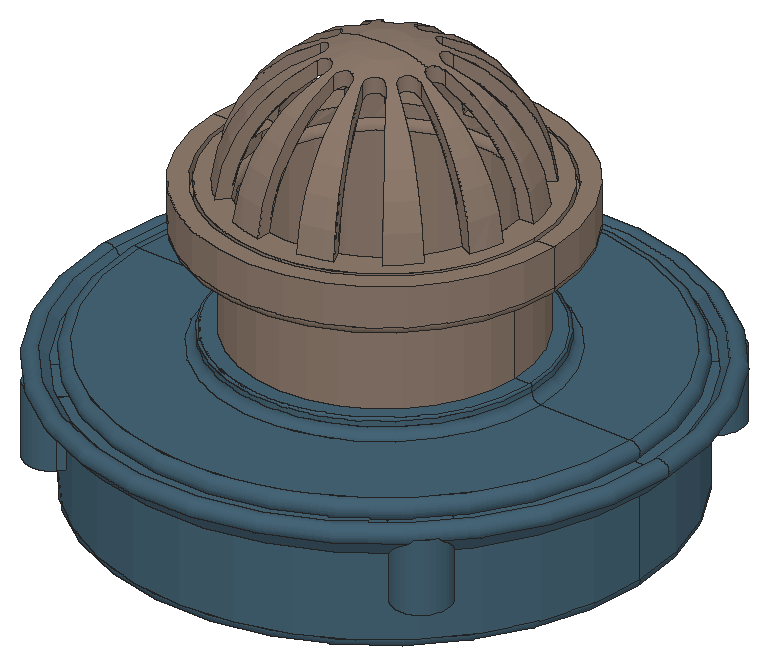
Revit family "Drain_Floor_Round-Zurn-Z415G", category Plumbing Fixtures, Revit 2022
Family settings
  Round Connector Dimension = Use Radius
  Part Type = Normal
  OmniClass Number = 23.70.50.21.24.14
  OmniClass Title = Deck Waste Water Drains
  Work Plane-Based = No
  Always vertical = Yes
  Cut with Voids When Loaded = No
  Maintain Annotation Orientation = No
  Shared = No
  Room Calculation Point = No
Parameters (values of type "Load Family Type Catalog")
  Waste Connection = 1 = 1  # yes
  WFU = 0  # constant formula
  Vent Connection = 1 = 0  # no
  URL = "www.zurn.com"
  Type Comments = "ZN415G with 5 Inch Strainer and 2 Inch IP Threaded Outlet"
  Strainer Position (K') - Input [instance] = 6.000"
  Strainer Position (K') [instance] = if([Strainer Position (K') - Input] < Min. Strainer Position, Min. Strainer Position, if([Strainer Position (K') - Input] > Max. Strainer Position, Max. Strainer Position, [Strainer Position (K') - Input]))  # 2.250"
  Strainer Open Area = if([Strainer Diameter (B)] = 5.000", 10.000 in², if([Strainer Diameter (B)] = 6.000", 12.000 in², if([Strainer Diameter (B)] = 7.000", 13.000 in², if([Strainer Diameter (B)] = 8.000", 18.000 in², 18.000 in²))))  # 10.000 in²
  Strainer Material = Bronze - Zurn - Polished
  Strainer Diameter (B) = 5.000"
  Product data url = "https://bimobject.com/zurnindustries/product/Z415G"
  Product Page URL = "https://www.zurn.com/products/drainage-interceptors/floor-drains/finish-floor-drains/z415g"
  Product Installation Sheet URL = "https://files.zurn.com/care-cleaning-install-warranty-sheets/fd15-(1).pdf"
  Product Documentation Link = "https://files.zurn.com/spec-sheets/z415g.pdf"
  Pipe Size 'A' (Outer Radius) = [Pipe Size 'A' (Outer Diameter)] / 2  # 1.1875"
  Pipe Size 'A' (Outer Diameter) = 2.375"
  Pipe Size 'A' (Nominal Radius) = [Pipe Size 'A' (Nominal Diameter)] / 2  # 1.000"
  Pipe Size 'A' (Nominal Diameter) = 2.000"
  Pipe Size 'A' (Inner Radius) = [Pipe Size 'A' (Inner Diameter)] / 2  # 1.0335"
  Pipe Size 'A' (Inner Diameter) = 2.067"
  Modified Date = "12/12/2025"  # constant formula
  Model = "ZN415G"
  Min. Strainer Position [instance] = if([Strainer Diameter (B)] = 5.000", 1.000", if([Strainer Diameter (B)] = 6.000", 1.000", if([Strainer Diameter (B)] = 7.000", 1.000", if([Strainer Diameter (B)] = 8.000", 1.156", 1.000"))))  # 1.000"
  Max. Strainer Position [instance] = if([Strainer Diameter (B)] = 5.000", 2.250", if([Strainer Diameter (B)] = 6.000", 2.531", if([Strainer Diameter (B)] = 7.000", 2.875", if([Strainer Diameter (B)] = 8.000", 2.875", 2.250"))))  # 2.250"
  Material Main = Iron - Zurn - Cast - Painted - Blue
  Manufacurer Brand = "Zurn"  # constant formula
  Manufacturer = "Zurn Water, LLC"  # constant formula
  HWFU = 0  # constant formula
  HW Connection = 1 = 0  # no
  Grate Radius = ([Strainer Diameter (B)] - 0.600") / 2  # 2.200"
  Description = "BODY ASSEMBLY W/ “TYPE G” STRAINER"  # constant formula
  Default Elevation = 30.000"
  Date Created = "11/13/2018"  # constant formula
  CWFU = 0  # constant formula
  CW Connection = 1 = 0  # no
  Body Height (E) = 2.438"
  Assembly Code = "D2030300"
  Approx. Wt. Lbs. = if([Strainer Diameter (B)] = 5.000", 11.00 lbf, if([Strainer Diameter (B)] = 6.000", 13.00 lbf, if([Strainer Diameter (B)] = 7.000", 14.00 lbf, if(and([Strainer Diameter (B)] = 8.000", [Pipe Size 'A' (Nominal Diameter)] < 5.000"), 16.00 lbf, if(and([Strainer Diameter (B)] = 8.000", [Pipe Size 'A' (Nominal Diameter)] > 5.000"), 18.00 lbf, 18.00 lbf)))))  # 11.00 lbf
Reference planes (in)
  plane 1 "Center (Front/Back)": y = 0
  plane 2: z = 0
  plane 3 "Center (Left/Right)": x = 0
  plane 4: z = -2.25
  plane 5: z = -4.688
  plane 6: z = -3.37583
  plane 7: z = -2.7377
  plane 8: x = -1
  plane 9: x = 1
  plane 10: z = -4.0625
  plane 11: x = 2.69
  plane 12: z = -2.39827
  plane 13: z = -3.93136
  plane 14: x = 2.5
  plane 15: x = -2.5
  plane 16: y = -2.5
  plane 17: y = 2.5
  plane 18: through (0, 0, 47.24409) normal (-0.7071, 0.7071, 0)
  plane 19: through (-0.26517, 0.26517, 47.24409) normal (-0.7071, 0.7071, 0)
  plane 20: through (0.26517, -0.26517, 47.24409) normal (-0.7071, 0.7071, 0)
  plane 21: through (0, 0, 47.24409) normal (0.7071, 0.7071, 0)
  plane 22: through (2.33063, 3.06176, 47.24409) normal (0.7071, 0.7071, 0)
  plane 23: through (-2.33063, 3.06176, 47.24409) normal (0.7071, -0.7071, 0)
  plane 24: through (2.33063, -3.06176, 47.24409) normal (-0.7071, 0.7071, 0)
  plane 25: through (-2.33063, -3.06176, 47.24409) normal (-0.7071, -0.7071, 0)
  plane 26: through (-2.33063, 3.06176, 47.24409) normal (0.7071, -0.7071, 0)
  plane 27: through (0.26517, 0.26517, 47.24409) normal (0.7071, 0.7071, 0)
  plane 28: through (-0.26517, -0.26517, 47.24409) normal (0.7071, 0.7071, 0)
  plane 29: z = -0.638
  plane 30: z = -0.188
  plane 31: x = 1
  plane 32: x = -1
  plane 33: y = -1
  plane 34: y = 1
  plane 35: z = 1.813
  plane 36: x = 2.04079
Forms (in)
  Revolve 1, solid, material "Iron - Zurn - Cast - Painted - Blue" <- "Material Main", visible <- "Waste Connection", detail levels fine
    sketch origin (0, 0, 0) x (1, 0, 0) y (0, 0, 1)
      loop
        arc (-3.75, -3.9375) -> (-3.71339, -4.02589) -> (-3.625, -4.0625) r 0.125
        line (-3.625, -4.0625) -> (-1.3125, -4.0625)
        arc (-1.3125, -4.0625) -> (-1.22411, -4.09911) -> (-1.1875, -4.1875) r 0.125
        line (-1.1875, -4.1875) -> (-1.1875, -4.688) -> (-1.0335, -4.688) -> (-1.0335, -3.9375)
        arc (-1.0335, -3.9375) -> (-1.07011, -3.84911) -> (-1.1585, -3.8125) r 0.125
        line (-1.1585, -3.8125) -> (-3.425, -3.8125)
        arc (-3.425, -3.8125) -> (-3.51339, -3.77589) -> (-3.55, -3.6875) r 0.125
        line (-3.55, -3.6875) -> (-3.55, -2.39827) -> (-3.84822, -2.39827) -> (-3.96161, -2.28488)
        arc (-3.96161, -2.28488) -> (-4.13839, -2.28488) -> (-4.13839, -2.46165) r 0.125
        line (-4.13839, -2.46165) -> (-3.86235, -2.7377) -> (-3.75, -2.7377) -> (-3.75, -3.9375)
      axis (0, -2.28488) -> (0, -4.688)
    angle from 0 to 360
  Revolve 2, solid, material "Iron - Zurn - Cast - Painted - Blue" <- "Material Main", visible <- "Waste Connection", detail levels fine
    sketch origin (0, 0, 0) x (1, 0, 0) y (0, 0, 1)
      loop
        line (-3.62457, -2.39827) -> (-2.19378, -2.39827)
        arc (-2.19378, -2.39827) -> (-2.10268, -2.36177) -> (-2.06197, -2.27246) r 0.13195
        line (-2.06197, -2.27246) -> (-2.06197, -2.12327) -> (-1.91548, -2.12327) -> (-1.91548, -1.92327) -> (-2.13293, -1.92327)
        arc (-2.13293, -1.92327) -> (-2.15503, -1.93242) -> (-2.16418, -1.95452) r 0.03125
        line (-2.16418, -1.95452) -> (-2.16418, -2.02327)
        arc (-2.16418, -2.02327) -> (-2.20079, -2.11165) -> (-2.28918, -2.14827) r 0.125
        line (-2.28918, -2.14827) -> (-3.60452, -2.14827)
        arc (-3.60452, -2.14827) -> (-3.74997, -2.2624) -> (-3.62457, -2.39827) r 0.1258
      axis (0, -1.92327) -> (0, -2.39827)
    angle from 0 to 360
  Revolve 3, solid, material "Bronze - Zurn - Polished" <- "Strainer Material", detail levels fine
    sketch origin (0, 0, 0) x (1, 0, 0) y (0, 0, 1)
      loop
        line (-2.4, -0.638) -> (-2.01548, -0.638)
        arc (-2.01548, -0.638) -> (-1.94477, -0.66729) -> (-1.91548, -0.738) r 0.1
        line (-1.91548, -0.738) -> (-1.91548, -2.25) -> (-1.72798, -2.25) -> (-1.72798, -0.313)
        arc (-1.72798, -0.313) -> (-1.76459, -0.22461) -> (-1.85298, -0.188) r 0.125
        line (-1.85298, -0.188) -> (-2.25, -0.188) -> (-2.25, 0) -> (-2.5, 0) -> (-2.5, -0.538)
        arc (-2.5, -0.538) -> (-2.47071, -0.60871) -> (-2.4, -0.638) r 0.1
      axis (0, 0) -> (0, -2.25)
    angle from 0 to 360
  Extrusion 4, solid, material "Iron - Zurn - Cast - Painted - Blue" <- "Material Main", detail levels fine
    sketch origin (0, 0, 0) x (1, 0, 0) y (0, 1, 0)
      loop
        line (2.43103, 2.96136) -> (1.5026, 2.03293) -> (2.03293, 1.5026) -> (2.96136, 2.43103)
        arc (2.96136, 2.43103) -> (2.96136, 2.96136) -> (2.43103, 2.96136) r 0.375
      loop
        arc (-2.43103, 2.96136) -> (-2.96136, 2.96136) -> (-2.96136, 2.43103) r 0.375
        line (-2.96136, 2.43103) -> (-2.03293, 1.5026) -> (-1.5026, 2.03293) -> (-2.43103, 2.96136)
      loop
        arc (2.43103, -2.96136) -> (2.96136, -2.96136) -> (2.96136, -2.43103) r 0.375
        line (2.96136, -2.43103) -> (2.03293, -1.5026) -> (1.5026, -2.03293) -> (2.43103, -2.96136)
      loop
        line (-2.43103, -2.96136) -> (-1.5026, -2.03293) -> (-2.03293, -1.5026) -> (-2.96136, -2.43103)
        arc (-2.96136, -2.43103) -> (-2.96136, -2.96136) -> (-2.43103, -2.96136) r 0.375
    from -2.39827 to -3.37583
Lines and regions (in)
  Masking region 1, detail levels fine
    outline origin (0, 0, 0) x (1, 0, 0) y (0, 1, 0)
      loop
        circle (0, 0) r 4.25
  model lines, style "PlumbingFixtures", detail levels coarse+medium
    curve 1: line (0, 0, 1.813) -> (0, 0, -4.688)
  model lines, detail levels coarse+medium
    curve 2: line (-1, 0, -4.688) -> (1, 0, -4.688)
    curve 3: line (0, 1, -4.688) -> (0, -1, -4.688)
    curve 6: arc (0, 0, 1.813) -> (1.28198, 0, 1.28198) -> (1.813, 0, 0) r 1.813
    curve 8: arc (0, 0, 1.813) -> (1.2383, 0.3318, 1.28198) -> (1.75122, 0.46924, 0) r 1.813
    curve 9: arc (0, 0, 1.813) -> (1.2383, -0.3318, 1.28198) -> (1.75122, -0.46924, 0) r 1.813
    curve 10: arc (0, 0, 1.813) -> (1.11023, -0.64099, 1.28198) -> (1.5701, -0.9065, 0) r 1.813
    curve 11: arc (0, 0, 1.813) -> (0.9065, -0.9065, 1.28198) -> (1.28198, -1.28198, 0) r 1.813
    curve 12: arc (0, 0, 1.813) -> (0.64099, -1.11023, 1.28198) -> (0.9065, -1.5701, 0) r 1.813
    curve 13: arc (0, 0, 1.813) -> (0.3318, -1.2383, 1.28198) -> (0.46924, -1.75122, 0) r 1.813
    curve 14: arc (0, 0, 1.813) -> (0, -1.28198, 1.28198) -> (0, -1.813, 0) r 1.813
    curve 15: arc (0, 0, 1.813) -> (-0.3318, -1.2383, 1.28198) -> (-0.46924, -1.75122, 0) r 1.813
    curve 16: arc (0, 0, 1.813) -> (-0.64099, -1.11023, 1.28198) -> (-0.9065, -1.5701, 0) r 1.813
    curve 17: arc (0, 0, 1.813) -> (-0.9065, -0.9065, 1.28198) -> (-1.28198, -1.28198, 0) r 1.813
    curve 18: arc (0, 0, 1.813) -> (-1.11023, -0.64099, 1.28198) -> (-1.5701, -0.9065, 0) r 1.813
    curve 19: arc (0, 0, 1.813) -> (-1.2383, -0.3318, 1.28198) -> (-1.75122, -0.46924, 0) r 1.813
    curve 20: arc (0, 0, 1.813) -> (-1.28198, 0, 1.28198) -> (-1.813, 0, 0) r 1.813
    curve 21: arc (0, 0, 1.813) -> (-1.2383, 0.3318, 1.28198) -> (-1.75122, 0.46924, 0) r 1.813
    curve 22: arc (0, 0, 1.813) -> (-1.11023, 0.64099, 1.28198) -> (-1.5701, 0.9065, 0) r 1.813
    curve 23: arc (0, 0, 1.813) -> (-0.9065, 0.9065, 1.28198) -> (-1.28198, 1.28198, 0) r 1.813
    curve 24: arc (0, 0, 1.813) -> (-0.64099, 1.11023, 1.28198) -> (-0.9065, 1.5701, 0) r 1.813
    curve 25: arc (0, 0, 1.813) -> (-0.3318, 1.2383, 1.28198) -> (-0.46924, 1.75122, 0) r 1.813
    curve 26: arc (0, 0, 1.813) -> (0, 1.28198, 1.28198) -> (0, 1.813, 0) r 1.813
    curve 27: arc (0, 0, 1.813) -> (0.3318, 1.2383, 1.28198) -> (0.46924, 1.75122, 0) r 1.813
    curve 28: arc (0, 0, 1.813) -> (0.64099, 1.11023, 1.28198) -> (0.9065, 1.5701, 0) r 1.813
    curve 29: arc (0, 0, 1.813) -> (0.9065, 0.9065, 1.28198) -> (1.28198, 1.28198, 0) r 1.813
    curve 30: arc (0, 0, 1.813) -> (1.11023, 0.64099, 1.28198) -> (1.5701, 0.9065, 0) r 1.813
  model lines, style "GenericModel", detail levels coarse+medium
    curve 4: circle (0, 0, 0) r 2.5 normal (0, 0, 1)
    curve 5: circle (0, 0, 0) r 2.2 normal (0, 0, 1)
    curve 7: circle (0, 0, 0) r 1.8125 normal (0, 0, 1)
Dimensions and locks (in)
  "Body Height (E)": plane 4 to plane 5
  "Strainer Position (K')": level to plane 4
  locked: plane 4 to plane 6 at 1.12583
  locked: plane 4 to plane 7 at 0.4877
  locked: Revolve 1 sketch curve to plane 10 at 0.25
  locked: plane 4 to plane 12 at 0.14827
  locked: plane 13 to plane 10 at 0.13114
  locked: Revolve 3 sketch curve to Revolve 3 sketch curve at 0.1875
  "Pipe Size 'A' (Inner Radius)": plane 3 "Center (Left/Right)" to Revolve 1 sketch curve
  "Pipe Size 'A' (Outer Radius)": plane 3 "Center (Left/Right)" to Revolve 1 sketch curve
  Revolve 2 sketch curve to Revolve 2 sketch curve = 0.24871"
  locked: Revolve 2 sketch curve to Revolve 2 sketch curve at 0.475
  locked: Revolve 2 sketch curve to Revolve 2 sketch curve at 0.2
  Revolve 2 sketch curve to plane 4 to Revolve 2 sketch curve = 0.10173" locked, 0.14827" locked
  locked: Revolve 2 sketch curve to Revolve 2 sketch curve at 0.03125
  locked: plane 3 "Center (Left/Right)" to Revolve 2 sketch curve at 3.62457
  locked: plane 3 "Center (Left/Right)" to Revolve 1 sketch curve at 3.55
  equal spacing: plane 15, plane 3 "Center (Left/Right)", plane 14
  "Strainer Diameter (B)": plane 15 to plane 14
  equal spacing: plane 16, plane 1 "Center (Front/Back)", plane 17
  "Strainer Diameter (B)": plane 16 to plane 17
  locked: Revolve 1 sketch curve to Revolve 1 sketch curve at 0.2
  locked: Revolve 1 sketch curve to Revolve 1 sketch curve at 0.025
  Revolve 1 sketch curve to Revolve 1 sketch curve = 0.500"
  locked: plane 4 to plane 10 at 1.8125
  locked: plane 21 to plane 22 at 3.813
  locked: plane 23 to plane 18 at 3.813
  locked: plane 25 to plane 21 at 3.813
  locked: plane 18 to plane 24 at 3.813
  locked: plane 21 to Extrusion 4 sketch curve at 2.5
  equal spacing: plane 19, plane 18, plane 20
  locked: plane 19 to plane 20 at 0.75
  equal spacing: plane 27, plane 21, plane 28
  locked: plane 27 to plane 28 at 0.75
  equal spacing: Extrusion 4 sketch curve, plane 3 "Center (Left/Right)", Extrusion 4 sketch curve
  locked: Extrusion 4 sketch curve to Extrusion 4 sketch curve at 5.3924  (x2)
  locked: Extrusion 4 sketch curve to plane 18 at 2.5
  Extrusion 4 sketch curve to Extrusion 4 sketch curve = 5.3924"
  locked: Extrusion 4 sketch curve to plane 21 at 2.5
  locked: plane 18 to Extrusion 4 sketch curve at 2.5
  Revolve 3 sketch curve to plane 15 = 0.250"
  "Pipe Size 'A' (Nominal Radius)": plane 32 to plane 3 "Center (Left/Right)" to plane 31
  "Pipe Size 'A' (Nominal Radius)": plane 33 to plane 1 "Center (Front/Back)" to plane 34
  locked: level to plane 30 at 0.188
  locked: plane 30 to plane 29 at 0.45
  locked: plane 35 to level at 1.813
  locked: curve 7 to plane 3 "Center (Left/Right)" at 1.8125
  radius of Revolve 1 sketch curve = 0.125"  (x4)
  radius of Extrusion 4 sketch curve = 0.375"  (x4)
  radius of Revolve 3 sketch curve = 0.100"  (x3)
  radius of Revolve 3 sketch curve = 0.125"
  radius of Masking region 1 sketch curve = 4.250"
  "Strainer Diameter (B)": diameter of curve 4
  "Grate Radius": radius of curve 5
  radius of curve 6 = 1.813"
  radius of curve 7 = 1.8125"
  locked: Revolve 1 sketch curve to Revolve 1 sketch curve (angle 45.00°)
  locked: plane 1 "Center (Front/Back)" to plane 18 (angle 45.00°)
  aligned and locked: level to plane 2
  aligned and locked: plane 10 to Revolve 1 sketch curve
  aligned and locked: Revolve 2 sketch curve to plane 3 "Center (Left/Right)"
  aligned and locked: Revolve 3 sketch curve to plane 3 "Center (Left/Right)"
  aligned and locked: Revolve 1 sketch curve to plane 5
  aligned and locked: plane 5 to curve 1
  aligned and locked: plane 3 "Center (Left/Right)" to curve 1
  aligned and locked: plane 1 "Center (Front/Back)" to curve 2
  aligned and locked: curve 3 to plane 3 "Center (Left/Right)"
  aligned and locked: Revolve 1 sketch curve to plane 3 "Center (Left/Right)"
  aligned and locked: Revolve 1 sketch curve to plane 12
  aligned and locked: Revolve 3 sketch curve to plane 15
  aligned and locked: plane 19 to Extrusion 4 sketch curve  (x2)
  aligned and locked: Extrusion 4 sketch curve to plane 20  (x2)
  aligned and locked: plane 6 to Extrusion 4
  aligned and locked: plane 12 to Extrusion 4
  aligned and locked: Extrusion 4 sketch curve to plane 27  (x2)
  aligned and locked: plane 28 to Extrusion 4 sketch curve  (x2)
  aligned and locked: Revolve 3 sketch curve to plane 4
  aligned and locked: Revolve 3 sketch curve to plane 29
  aligned and locked: Revolve 3 sketch curve to plane 30
  aligned and locked: plane 34 to curve 3
  aligned and locked: plane 33 to curve 3
  aligned and locked: plane 31 to curve 2
  aligned and locked: plane 32 to curve 2
  aligned and locked: plane 3 "Center (Left/Right)" to Masking region 1 sketch curve
  aligned and locked: plane 1 "Center (Front/Back)" to Masking region 1 sketch curve
  aligned and locked: plane 3 "Center (Left/Right)" to nested 1
  aligned and locked: plane 1 "Center (Front/Back)" to nested 1
  aligned and locked: plane 35 to curve 1
  aligned and locked: plane 3 "Center (Left/Right)" to curve 4
  aligned and locked: plane 1 "Center (Front/Back)" to curve 4
  aligned and locked: plane 3 "Center (Left/Right)" to curve 5
  aligned and locked: plane 1 "Center (Front/Back)" to curve 5
  aligned and locked: plane 1 "Center (Front/Back)" to curve 7
Automatic sketch dimensions
  plane 25 to Extrusion 4 sketch curve = 0.000"
  Revolve 2 sketch curve to Revolve 2 sketch curve = 0.02005"
  Revolve 2 sketch curve to plane 4 = 0.01631"
  Revolve 2 sketch curve to Revolve 2 sketch curve = 0.0954"
  Revolve 2 sketch curve to Revolve 2 sketch curve = 0.125"
  Revolve 2 sketch curve to Revolve 2 sketch curve = 0.10221"
  plane 5 to Revolve 2 sketch curve = 0.00083"
  level to Revolve 2 sketch curve = 0.620"
  Revolve 3 sketch curve to level = 0.000"
  Revolve 3 sketch curve to level = 0.4266"
  level to Revolve 3 sketch curve = 4.6284"
  plane 8 to Revolve 2 sketch curve = 1.28918"
  plane 8 to Revolve 3 sketch curve = 1.01548"
  curve 6 to curve 6 = 1.813"
  curve 8 to curve 8 = 1.813"
  curve 9 to curve 9 = 1.813"
  curve 10 to curve 10 = 1.813"
  curve 11 to curve 11 = 1.813"
  curve 12 to curve 12 = 1.813"
  curve 13 to curve 13 = 1.813"
  curve 14 to curve 14 = 1.813"
  curve 15 to curve 15 = 1.813"
  curve 16 to curve 16 = 1.813"
  curve 17 to curve 17 = 1.813"
  curve 18 to curve 18 = 1.813"
  curve 19 to curve 19 = 1.813"
  curve 20 to curve 20 = 1.813"
  curve 21 to curve 21 = 1.813"
  curve 22 to curve 22 = 1.813"
  curve 23 to curve 23 = 1.813"
  curve 24 to curve 24 = 1.813"
  curve 25 to curve 25 = 1.813"
  curve 26 to curve 26 = 1.813"
  curve 27 to curve 27 = 1.813"
  curve 28 to curve 28 = 1.813"
  curve 29 to curve 29 = 1.813"
  curve 30 to curve 30 = 1.813"
  Revolve 1 sketch curve to plane 7 = 0.000"
  Revolve 1 sketch curve to plane 4 = 0.03488"
  plane 13 to Revolve 1 sketch curve = 0.00614"
  Revolve 1 sketch curve to plane 5 = 8.84821"
  plane 35 to Revolve 1 sketch curve = 85.36476"
Nested families (in)
  nested 1: "Z415G_Grate" at (0, 0, 0), Strainer Material <- "Strainer Material", Strainer Diameter (B) <- "Strainer Diameter (B)", type "Z415C_Grate", detail levels fine
    with Strainer Material Bronze - Zurn - Polished, Strainer Diameter (B) 5.000", Grate Radius 2.200"
Connectors (in)
  piping at (0, 0, -4.688), diameter 2, driven by "Pipe Size 'A' (Nominal Radius)", driven by "Waste Connection", driven by "Waste Connection"
    settings: on Revolve 1, index 1, connector inside diameter 24", connector length 0.000", flow factor 0, pipe flow 0.0 L/s, pressure drop 0.0 Pa, fitting loss kfactor 0, connector angle 0.00°, fixture units 0, engagement length 0.000", angle of deflection 0.00°, flow configuration 0, flow direction 2, fitting loss method 0, system type 16, joint type 0, gender type 0, connector reference index -1, connector utility 1, adjustable connector yes, is connector primary yes, connector description "Sanitary Outlet"
Definition of nested family "Z415G_Grate"
  Parameters (values of type "Z415C_Grate")
    Waste Connection = 1 = 1  # yes
    WFU = 0  # constant formula
    Vent Connection = 1 = 0  # no
    URL = "www.zurn.com"
    Type Comments = ""
    Strainer Material [instance] = none
    Strainer Diameter (B) [instance] = 6.000"
    Product data url = ""
    Product Page URL = ""
    Product Installation Sheet URL = ""
    Product Documentation Link = ""
    Modified Date = ""
    Model = ""
    Manufacurer Brand = "Zurn"  # constant formula
    Manufacturer = "Zurn Water, LLC"  # constant formula
    HWFU = 0  # constant formula
    HW Connection = 1 = 0  # no
    Grate Radius [instance] = ([Strainer Diameter (B)] - 0.600") / 2  # 2.700"
    Description = ""
    Default Elevation = 0.000"
    Date Created = ""
    CWFU = 0  # constant formula
    CW Connection = 1 = 0  # no
    Assembly Code = "D2030300"
  Reference planes (in)
    plane 1 "Center (Front/Back)": y = 0
    plane 2: z = 0
    plane 3 "Center (Left/Right)": x = 0
    plane 4: z = -2.25
    plane 5: z = -4.688
    plane 6: z = -3.37583
    plane 7: z = -2.7377
    plane 8: x = -1
    plane 9: x = 1
    plane 10: z = -4.0625
    plane 11: x = 2.69
    plane 12: z = -2.39827
    plane 13: z = -3.93136
    plane 14: x = 3
    plane 15: x = -3
    plane 16: y = -3
    plane 17: y = 3
    plane 18: z = -0.438
    plane 19: z = -0.188
  Forms (in)
    Revolve 1, solid, material <- "Strainer Material"
      sketch origin (0, 0, 0) x (1, 0, 0) y (0, 0, 1)
        loop
          line (0, 1.6245) -> (0, 1.812)
          arc (0, 1.812) -> (-1.50499, 1.30825) -> (-2.40347, 0) r 2.5
          line (-2.40347, 0) -> (-2.7, 0) -> (-2.7, -0.188) -> (-2.2578, -0.188)
          arc (-2.2578, -0.188) -> (-1.44765, 1.11532) -> (0, 1.6245) r 2.3125
        axis (0, 1.812) -> (0, -0.188)
      angle from 0 to 360
    Extrusion 2, void
      sketch origin (0, 0, 0) x (0, 1, 0) y (-1, 0, 0)
        loop
          arc (0.76913, 0.14462) -> (0.6405, 0) -> (0.76913, -0.14462) r 0.14562
          line (0.76913, -0.14462) -> (2.67124, -0.36807)
          arc (2.67124, -0.36807) -> (2.69648, 0) -> (2.67124, 0.36807) r 2.69648
          line (2.67124, 0.36807) -> (0.76913, 0.14462)
      from 0 to 6 <- "Strainer Diameter (B)"
    Extrusion 3, void
      sketch origin (0, 0, 0) x (-0.5, 0.866025, 0) y (-0.866025, -0.5, 0)
        loop
          arc (0.76913, 0.14462) -> (0.6405, 0) -> (0.76913, -0.14462) r 0.14562
          line (0.76913, -0.14462) -> (2.67124, -0.36807)
          arc (2.67124, -0.36807) -> (2.69648, 0) -> (2.67124, 0.36807) r 2.69648
          line (2.67124, 0.36807) -> (0.76913, 0.14462)
      from 0 to 6 <- "Strainer Diameter (B)"
    Extrusion 4, void
      sketch origin (0, 0, 0) x (0.5, 0.866025, 0) y (-0.866025, 0.5, 0)
        loop
          arc (0.76913, 0.14462) -> (0.6405, 0) -> (0.76913, -0.14462) r 0.14562
          line (0.76913, -0.14462) -> (2.67124, -0.36807)
          arc (2.67124, -0.36807) -> (2.69648, 0) -> (2.67124, 0.36807) r 2.69648
          line (2.67124, 0.36807) -> (0.76913, 0.14462)
      from 0 to 6 <- "Strainer Diameter (B)"
    Extrusion 5, void
      sketch origin (0, 0, 0) x (0.866025, 0.5, 0) y (-0.5, 0.866025, 0)
        loop
          arc (0.76913, 0.14462) -> (0.6405, 0) -> (0.76913, -0.14462) r 0.14562
          line (0.76913, -0.14462) -> (2.67124, -0.36807)
          arc (2.67124, -0.36807) -> (2.69648, 0) -> (2.67124, 0.36807) r 2.69648
          line (2.67124, 0.36807) -> (0.76913, 0.14462)
      from 0 to 6 <- "Strainer Diameter (B)"
    Extrusion 6, void
      sketch origin (0, 0, 0) x (1, 0, 0) y (0, 1, 0)
        loop
          arc (0.76913, 0.14462) -> (0.6405, 0) -> (0.76913, -0.14462) r 0.14562
          line (0.76913, -0.14462) -> (2.67124, -0.36807)
          arc (2.67124, -0.36807) -> (2.69648, 0) -> (2.67124, 0.36807) r 2.69648
          line (2.67124, 0.36807) -> (0.76913, 0.14462)
      from 0 to 6 <- "Strainer Diameter (B)"
    Extrusion 7, void
      sketch origin (0, 0, 0) x (0.866025, -0.5, 0) y (0.5, 0.866025, 0)
        loop
          arc (0.76913, 0.14462) -> (0.6405, 0) -> (0.76913, -0.14462) r 0.14562
          line (0.76913, -0.14462) -> (2.67124, -0.36807)
          arc (2.67124, -0.36807) -> (2.69648, 0) -> (2.67124, 0.36807) r 2.69648
          line (2.67124, 0.36807) -> (0.76913, 0.14462)
      from 0 to 6 <- "Strainer Diameter (B)"
    Extrusion 8, void
      sketch origin (0, 0, 0) x (0.5, -0.866025, 0) y (0.866025, 0.5, 0)
        loop
          arc (0.76913, 0.14462) -> (0.6405, 0) -> (0.76913, -0.14462) r 0.14562
          line (0.76913, -0.14462) -> (2.67124, -0.36807)
          arc (2.67124, -0.36807) -> (2.69648, 0) -> (2.67124, 0.36807) r 2.69648
          line (2.67124, 0.36807) -> (0.76913, 0.14462)
      from 0 to 6 <- "Strainer Diameter (B)"
    Extrusion 9, void
      sketch origin (0, 0, 0) x (0, -1, 0) y (1, 0, 0)
        loop
          arc (0.76913, 0.14462) -> (0.6405, 0) -> (0.76913, -0.14462) r 0.14562
          line (0.76913, -0.14462) -> (2.67124, -0.36807)
          arc (2.67124, -0.36807) -> (2.69648, 0) -> (2.67124, 0.36807) r 2.69648
          line (2.67124, 0.36807) -> (0.76913, 0.14462)
      from 0 to 6 <- "Strainer Diameter (B)"
    Extrusion 10, void
      sketch origin (0, 0, 0) x (-0.5, -0.866025, 0) y (0.866025, -0.5, 0)
        loop
          arc (0.76913, 0.14462) -> (0.6405, 0) -> (0.76913, -0.14462) r 0.14562
          line (0.76913, -0.14462) -> (2.67124, -0.36807)
          arc (2.67124, -0.36807) -> (2.69648, 0) -> (2.67124, 0.36807) r 2.69648
          line (2.67124, 0.36807) -> (0.76913, 0.14462)
      from 0 to 6 <- "Strainer Diameter (B)"
    Extrusion 11, void
      sketch origin (0, 0, 0) x (-0.866025, -0.5, 0) y (0.5, -0.866025, 0)
        loop
          arc (0.76913, 0.14462) -> (0.6405, 0) -> (0.76913, -0.14462) r 0.14562
          line (0.76913, -0.14462) -> (2.67124, -0.36807)
          arc (2.67124, -0.36807) -> (2.69648, 0) -> (2.67124, 0.36807) r 2.69648
          line (2.67124, 0.36807) -> (0.76913, 0.14462)
      from 0 to 6 <- "Strainer Diameter (B)"
    Extrusion 12, void
      sketch origin (0, 0, 0) x (-1, 0, 0) y (0, -1, 0)
        loop
          arc (0.76913, 0.14462) -> (0.6405, 0) -> (0.76913, -0.14462) r 0.14562
          line (0.76913, -0.14462) -> (2.67124, -0.36807)
          arc (2.67124, -0.36807) -> (2.69648, 0) -> (2.67124, 0.36807) r 2.69648
          line (2.67124, 0.36807) -> (0.76913, 0.14462)
      from 0 to 6 <- "Strainer Diameter (B)"
    Extrusion 13, void
      sketch origin (0, 0, 0) x (-0.866025, 0.5, 0) y (-0.5, -0.866025, 0)
        loop
          arc (0.76913, 0.14462) -> (0.6405, 0) -> (0.76913, -0.14462) r 0.14562
          line (0.76913, -0.14462) -> (2.67124, -0.36807)
          arc (2.67124, -0.36807) -> (2.69648, 0) -> (2.67124, 0.36807) r 2.69648
          line (2.67124, 0.36807) -> (0.76913, 0.14462)
      from 0 to 6 <- "Strainer Diameter (B)"
  Cuts and joins
    Extrusion 2, Extrusion 3, Extrusion 4, Extrusion 5, Extrusion 6, Extrusion 7, Extrusion 8, Extrusion 9, Extrusion 10, Extrusion 11, Extrusion 12, Extrusion 13 cuts Revolve 1
  Lines and regions (in)
    model lines, detail levels coarse+medium
      curve 1: spline (2.38016, 0, 0) -> (2.31689, 0, 0.1926) -> (2.23831, 0, 0.3794) -> (2.14494, 0, 0.55917) -> (2.03741, 0, 0.73072) -> (1.91641, 0, 0.89293) -> (1.78274, 0, 1.04472) -> (1.63729, 0, 1.18509) -> (1.48101, 0, 1.31313) -> (1.31493, 0, 1.42799) -> (1.14015, 0, 1.5289) -> (0.95781, 0, 1.61521) -> (0.76913, 0, 1.68635)
  Dimensions and locks (in)
    plane 4 to plane 5 = 2.438"
    locked: level to plane 4 at 2.25
    locked: plane 4 to plane 6 at 1.12583
    locked: plane 4 to plane 7 at 0.4877
    locked: plane 4 to plane 12 at 0.14827
    locked: plane 13 to plane 10 at 0.13114
    equal spacing: plane 15, plane 3 "Center (Left/Right)", plane 14
    "Strainer Diameter (B)": plane 15 to plane 14
    equal spacing: plane 16, plane 1 "Center (Front/Back)", plane 17
    "Strainer Diameter (B)": plane 16 to plane 17
    locked: plane 4 to plane 10 at 1.8125
    locked: level to plane 19 at 0.188
    locked: plane 19 to plane 18 at 0.25
    "Grate Radius": Revolve 1 sketch curve to Revolve 1 sketch curve
    locked: Revolve 1 sketch curve to Revolve 1 sketch curve at 0.2
    locked: Revolve 1 sketch curve to Revolve 1 sketch curve at 0.3875
    locked: Extrusion 2 sketch curve to Extrusion 2 sketch curve at 0.73615
    locked: Extrusion 3 sketch curve to Extrusion 3 sketch curve at 0.73615
    locked: Extrusion 4 sketch curve to Extrusion 4 sketch curve at 0.73615
    locked: Extrusion 5 sketch curve to Extrusion 5 sketch curve at 0.73615
    locked: Extrusion 6 sketch curve to Extrusion 6 sketch curve at 0.73615
    locked: Extrusion 7 sketch curve to Extrusion 7 sketch curve at 0.73615
    locked: Extrusion 8 sketch curve to Extrusion 8 sketch curve at 0.73615
    locked: Extrusion 9 sketch curve to Extrusion 9 sketch curve at 0.73615
    locked: Extrusion 10 sketch curve to Extrusion 10 sketch curve at 0.73615
    locked: Extrusion 11 sketch curve to Extrusion 11 sketch curve at 0.73615
    locked: Extrusion 12 sketch curve to Extrusion 12 sketch curve at 0.73615
    locked: Extrusion 13 sketch curve to Extrusion 13 sketch curve at 0.73615
    locked: Revolve 1 sketch curve to level at 1.812
    locked: Revolve 1 sketch curve to Revolve 1 sketch curve at 0.1875
    aligned and locked: level to plane 2
    aligned and locked: plane 19 to Revolve 1 sketch curve
    aligned and locked: Revolve 1 sketch curve to plane 2
    aligned and locked: plane 3 "Center (Left/Right)" to Revolve 1 sketch curve
    aligned and locked: Revolve 1 sketch curve to plane 3 "Center (Left/Right)"
  Automatic sketch dimensions
    Revolve 1 sketch curve to plane 5 = 9.72321"
    Revolve 1 sketch curve to Revolve 1 sketch curve = 85.36576"
    Extrusion 2 sketch curve to Extrusion 2 sketch curve = 0.76913"
    Extrusion 2 sketch curve to Extrusion 2 sketch curve = 0.000"  (x2)
    Extrusion 2 sketch curve to Extrusion 2 sketch curve = 0.01699"
    Extrusion 2 sketch curve to Extrusion 2 sketch curve = 1.90212"
    Extrusion 3 sketch curve to Extrusion 3 sketch curve = 0.76913"
    Extrusion 3 sketch curve to Extrusion 3 sketch curve = 0.000"  (x2)
    Extrusion 3 sketch curve to Extrusion 3 sketch curve = 0.01699"
    Extrusion 3 sketch curve to Extrusion 3 sketch curve = 1.90212"
    Extrusion 4 sketch curve to Extrusion 4 sketch curve = 0.76913"
    Extrusion 4 sketch curve to Extrusion 4 sketch curve = 0.000"  (x2)
    Extrusion 4 sketch curve to Extrusion 4 sketch curve = 0.01699"
    Extrusion 4 sketch curve to Extrusion 4 sketch curve = 1.90212"
    Extrusion 5 sketch curve to Extrusion 5 sketch curve = 0.76913"
    Extrusion 5 sketch curve to Extrusion 5 sketch curve = 0.000"  (x2)
    Extrusion 5 sketch curve to Extrusion 5 sketch curve = 0.01699"
    Extrusion 5 sketch curve to Extrusion 5 sketch curve = 1.90212"
    Extrusion 6 sketch curve to Extrusion 6 sketch curve = 0.76913"
    Extrusion 6 sketch curve to Extrusion 6 sketch curve = 0.000"  (x2)
    Extrusion 6 sketch curve to Extrusion 6 sketch curve = 0.01699"
    Extrusion 6 sketch curve to Extrusion 6 sketch curve = 1.90212"
    Extrusion 7 sketch curve to Extrusion 7 sketch curve = 0.76913"
    Extrusion 7 sketch curve to Extrusion 7 sketch curve = 0.000"  (x2)
    Extrusion 7 sketch curve to Extrusion 7 sketch curve = 0.01699"
    Extrusion 7 sketch curve to Extrusion 7 sketch curve = 1.90212"
    Extrusion 8 sketch curve to Extrusion 8 sketch curve = 0.76913"
    Extrusion 8 sketch curve to Extrusion 8 sketch curve = 0.000"  (x2)
    Extrusion 8 sketch curve to Extrusion 8 sketch curve = 0.01699"
    Extrusion 8 sketch curve to Extrusion 8 sketch curve = 1.90212"
    Extrusion 9 sketch curve to Extrusion 9 sketch curve = 0.76913"
    Extrusion 9 sketch curve to Extrusion 9 sketch curve = 0.000"  (x2)
    Extrusion 9 sketch curve to Extrusion 9 sketch curve = 0.01699"
    Extrusion 9 sketch curve to Extrusion 9 sketch curve = 1.90212"
    Extrusion 10 sketch curve to Extrusion 10 sketch curve = 0.76913"
    Extrusion 10 sketch curve to Extrusion 10 sketch curve = 0.000"  (x2)
    Extrusion 10 sketch curve to Extrusion 10 sketch curve = 0.01699"
    Extrusion 10 sketch curve to Extrusion 10 sketch curve = 1.90212"
    Extrusion 11 sketch curve to Extrusion 11 sketch curve = 0.76913"
    Extrusion 11 sketch curve to Extrusion 11 sketch curve = 0.000"  (x2)
    Extrusion 11 sketch curve to Extrusion 11 sketch curve = 0.01699"
    Extrusion 11 sketch curve to Extrusion 11 sketch curve = 1.90212"
    Extrusion 12 sketch curve to Extrusion 12 sketch curve = 0.76913"
    Extrusion 12 sketch curve to Extrusion 12 sketch curve = 0.000"  (x2)
    Extrusion 12 sketch curve to Extrusion 12 sketch curve = 0.01699"
    Extrusion 12 sketch curve to Extrusion 12 sketch curve = 1.90212"
    Extrusion 13 sketch curve to Extrusion 13 sketch curve = 0.76913"
    Extrusion 13 sketch curve to Extrusion 13 sketch curve = 0.000"  (x2)
    Extrusion 13 sketch curve to Extrusion 13 sketch curve = 0.01699"
    Extrusion 13 sketch curve to Extrusion 13 sketch curve = 1.90212"
    curve 1 to level = 0.000"
    curve 1 to plane 3 "Center (Left/Right)" = 0.00629"
    plane 9 to curve 1 = 0.23087"
    plane 11 to curve 1 = 0.30984"
    curve 1 to plane 18 = 0.250"
    level to curve 1 = 1.68635"
Types in the file's own list only (6): name | Type Comments | Strainer Open Area | Strainer Material | Strainer Diameter (B) | Pipe Size 'A' (Outer Radius) | Pipe Size 'A' (Outer Diameter) | Pipe Size 'A' (Nominal Radius) | Pipe Size 'A' (Nominal Diameter) | Pipe Size 'A' (Inner Radius) | Pipe Size 'A' (Inner Diameter) | Grate Radius | Default Elevation | Body Height (E) | Approx. Wt. Lbs.
  ZN415G-2IP-5B | "ZN415G with 5 Inch Strainer and 2 Inch IP Threaded Outlet" | 10.000 in² | Bronze - Zurn - Polished Nickel | 5.000 " | 1.188 " | 2.375 " | 1.000 " | 2.000 " | 1.034 " | 2.067 " | 2.200 " | 30.000 " | 2.438 " | 11.00 lb
  ZB415G-2IP-5B | "ZN415G with 5 Inch Strainer and 2 Inch IP Threaded Outlet" | 10.000 in² | Bronze - Zurn - Polished | 5.000 " | 1.188 " | 2.375 " | 1.000 " | 2.000 " | 1.034 " | 2.067 " | 2.200 " | 30.000 " | 2.438 " | 11.00 lb
  ZN415G-2IP-6B | "ZN415G with 5 Inch Strainer and 2 Inch IP Threaded Outlet" | 12.000 in² | Bronze - Zurn - Polished Nickel | 6.000 " | 1.188 " | 2.375 " | 1.000 " | 2.000 " | 1.034 " | 2.067 " | 2.700 " | 30.000 " | 2.438 " | 13.00 lb
  ZN415G-3IC-6B | "ZN415G with 5 Inch Strainer and 2 Inch Inside Caulk Outlet" | 12.000 in² | Bronze - Zurn - Polished Nickel | 6.000 " | 1.750 " | 3.500 " | 1.500 " | 3.000 " | 1.534 " | 3.068 " | 2.700 " | 30.000 " | 4.188 " | 13.00 lb
  ZN415G-4IC-6B | "ZN415G with 5 Inch Strainer and 2 Inch Inside Caulk Outlet" | 12.000 in² | Bronze - Zurn - Polished Nickel | 6.000 " | 2.250 " | 4.500 " | 2.000 " | 4.000 " | 2.014 " | 4.028 " | 2.700 " | 30.000 " | 4.188 " | 13.00 lb
  ZN415G-2IC-6B | "ZN415G with 6 Inch Strainer and 2 Inch Inside Caulk Outlet" | 12.000 in² | Bronze - Zurn - Polished Nickel | 6.000 " | 1.188 " | 2.375 " | 1.000 " | 2.000 " | 1.034 " | 2.067 " | 2.700 " | 30.000 " | 4.188 " | 13.00 lb
